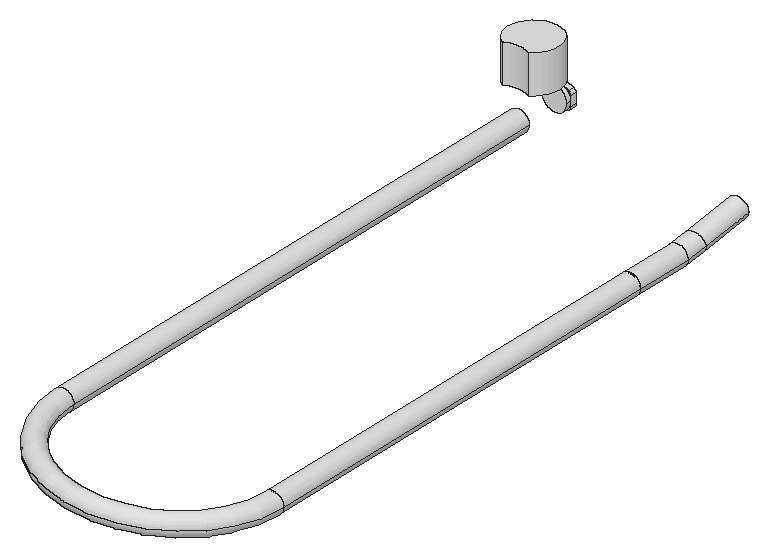
Revit family "Deca_Ducha higiênica com registro e derivação_Targa_1984.40.ACT", category Plumbing Fixtures, host Face, Revit 2020 (continued)
Lines and regions (m)
  symbolic lines
    curve 463: line (0.190015, 0, 0.01985) -> (0.188715, 0, 0.019061)
    curve 464: line (0.188715, 0, 0.019061) -> (0.187757, 0, 0.018189)
    curve 465: line (0.187757, 0, 0.018189) -> (0.187171, 0, 0.01726)
    curve 466: line (0.187171, 0, 0.01726) -> (0.186973, 0, 0.016301)
    curve 467: line (0.186973, 0, 0.016301) -> (0.186973, 0, 0.040112)
    curve 468: line (0.186973, 0, 0.040112) -> (0.187171, 0, 0.041071)
    curve 469: line (0.187171, 0, 0.041071) -> (0.187757, 0, 0.042)
    curve 470: line (0.187757, 0, 0.042) -> (0.188715, 0, 0.042872)
    curve 471: line (0.188715, 0, 0.042872) -> (0.190015, 0, 0.043661)
    curve 472: line (0.190015, 0, 0.043661) -> (0.191617, 0, 0.044341)
    curve 473: line (0.191617, 0, 0.044341) -> (0.193473, 0, 0.044893)
    curve 474: line (0.193473, 0, 0.044893) -> (0.194473, 0, 0.045114)
    curve 475: line (0.216974, 0, 0) -> (0.182974, 0, 0)
    curve 476: line (0.182974, 0, 0.028726) -> (0.182974, 0, 0)
    curve 477: line (0.216974, 0, 0) -> (0.216974, 0, 0.028726)
    curve 478: arc (0.216974, 0, 0.028726) -> (0.21594, 0, 0.034377) -> (0.212973, 0, 0.039297) r 0.015966
    curve 479: arc (0.182974, 0, 0.028726) -> (0.184007, 0, 0.034408) -> (0.186973, 0, 0.039362) r 0.016139
    curve 480: line (0.212342, 0, 0.010579) -> (0.212332, 0, 0.011501)
    curve 481: line (0.212332, 0, 0.011501) -> (0.211945, 0, 0.012405)
    curve 482: line (0.211945, 0, 0.012405) -> (0.211195, 0, 0.013266)
    curve 483: line (0.211195, 0, 0.013266) -> (0.210104, 0, 0.01406)
    curve 484: line (0.210104, 0, 0.01406) -> (0.208705, 0, 0.01476)
    curve 485: line (0.208705, 0, 0.01476) -> (0.207041, 0, 0.015347)
    curve 486: line (0.207041, 0, 0.015347) -> (0.205161, 0, 0.015803)
    curve 487: line (0.205161, 0, 0.015803) -> (0.203125, 0, 0.016112)
    curve 488: line (0.203125, 0, 0.016112) -> (0.200992, 0, 0.016267)
    curve 489: line (0.200992, 0, 0.016267) -> (0.198829, 0, 0.016263)
    curve 490: line (0.198829, 0, 0.016263) -> (0.1967, 0, 0.016099)
    curve 491: line (0.1967, 0, 0.016099) -> (0.194671, 0, 0.01578)
    curve 492: line (0.194671, 0, 0.01578) -> (0.192803, 0, 0.015317)
    curve 493: line (0.192803, 0, 0.015317) -> (0.191153, 0, 0.014722)
    curve 494: line (0.191153, 0, 0.014722) -> (0.189771, 0, 0.014016)
    curve 495: line (0.189771, 0, 0.014016) -> (0.188699, 0, 0.013218)
    curve 496: line (0.188699, 0, 0.013218) -> (0.187969, 0, 0.012353)
    curve 497: line (0.187969, 0, 0.012353) -> (0.187604, 0, 0.011447)
    curve 498: line (0.187604, 0, 0.011447) -> (0.187604, 0, 0.010581)
    curve 499: arc (0.212342, 0, 0.010579) -> (0.212804, 0, 0.012282) -> (0.212973, 0, 0.014038) r 0.010485
    curve 500: line (0.212973, 0, 0.016301) -> (0.212973, 0, 0.014038)
    curve 501: arc (0.187604, 0, 0.010581) -> (0.187143, 0, 0.012283) -> (0.186973, 0, 0.014038) r 0.010485
    curve 502: line (0.186973, 0, 0.016301) -> (0.186973, 0, 0.014038)
    curve 503: arc (0.212342, 0, 0.010579) -> (0.211588, 0, 0.009057) -> (0.210333, 0, 0.007913) r 0.004602
    curve 504: arc (0.210333, 0, 0.007913) -> (0.207788, 0, 0.006651) -> (0.205052, 0, 0.005886) r 0.015185
    curve 505: arc (0.205052, 0, 0.005886) -> (0.20034, 0, 0.00543) -> (0.195618, 0, 0.005757) r 0.028639
    curve 506: arc (0.190759, 0, 0.007209) -> (0.193127, 0, 0.006278) -> (0.195618, 0, 0.005757) r 0.015185
    curve 507: arc (0.190759, 0, 0.007209) -> (0.18879, 0, 0.008528) -> (0.187604, 0, 0.010581) r 0.005237
    curve 508: line (0.205474, 0, 0.04646) -> (0.205474, 0, 0.045114)
    curve 509: line (0.205474, 0, 0.045114) -> (0.205751, 0, 0.044077)
    curve 510: line (0.205751, 0, 0.044077) -> (0.205751, 0, 0.036457)
    curve 511: line (0.194473, 0, 0.04646) -> (0.194473, 0, 0.045114)
    curve 512: line (0.194473, 0, 0.045114) -> (0.194196, 0, 0.044077)
    curve 513: line (0.194196, 0, 0.044077) -> (0.194196, 0, 0.036457)
    curve 514: arc (0.205474, 0, 0.04646) -> (0.199973, 0, 0.047118) -> (0.194473, 0, 0.04646) r 0.023323
    curve 515: arc (0.205751, 0, 0.036457) -> (0.199974, 0, 0.037016) -> (0.194196, 0, 0.036457) r 0.030126
    curve 516: arc (0.182663, 0, 0.008846) -> (0.176478, 0, 0.018758) -> (0.182505, 0, 0.028766) r 0.011177
    curve 517: arc (0.179776, 0, 0.0287) -> (0.172969, 0, 0.019353) -> (0.178489, 0, 0.009192) r 0.010824
    curve 518: arc (0.175823, 0, 0.029156) -> (0.170375, 0, 0.019743) -> (0.174171, 0, 0.009551) r 0.012751
    curve 519: arc (0.173125, 0, 0.029566) -> (0.166329, 0, 0.02051) -> (0.170225, 0, 0.00988) r 0.011862
    curve 520: arc (0.16905, 0, 0.029915) -> (0.161807, 0, 0.02093) -> (0.166117, 0, 0.010223) r 0.011403
    curve 521: arc (0.163718, 0, 0.030373) -> (0.157009, 0, 0.021278) -> (0.16114, 0, 0.010759) r 0.011681
    curve 522: arc (0.154319, 0, 0.030602) -> (0.149505, 0, 0.021699) -> (0.152664, 0, 0.012083) r 0.012798
    curve 523: arc (0.148451, 0, 0.030886) -> (0.144686, 0, 0.021963) -> (0.146844, 0, 0.012522) r 0.015776
    curve 524: arc (0.141803, 0, 0.031156) -> (0.139216, 0, 0.022313) -> (0.140846, 0, 0.013245) r 0.020101
    curve 525: arc (0.137267, 0, 0.012661) -> (0.135196, 0, 0.022945) -> (0.139151, 0, 0.03266) r 0.01818
    curve 526: arc (0.132178, 0, 0.033281) -> (0.128422, 0, 0.02362) -> (0.130087, 0, 0.01339) r 0.019708
    curve 527: arc (0.125391, 0, 0.033885) -> (0.12243, 0, 0.023888) -> (0.123248, 0, 0.013494) r 0.028604
    curve 528: arc (0.118482, 0, 0.034499) -> (0.116008, 0, 0.024703) -> (0.116391, 0, 0.014606) r 0.035541
    curve 529: arc (0.111485, 0, 0.035122) -> (0.10965, 0, 0.025244) -> (0.109742, 0, 0.015198) r 0.052191
    curve 530: arc (0.104435, 0, 0.035749) -> (0.103228, 0, 0.025816) -> (0.102692, 0, 0.015825) r 0.148648
    curve 531: arc (0.097368, 0, 0.036378) -> (0.097159, 0, 0.026343) -> (0.095277, 0, 0.016485) r 0.059862
    curve 532: arc (0.088545, 0, 0.017083) -> (0.090883, 0, 0.026917) -> (0.090289, 0, 0.037007) r 0.034714
    curve 533: arc (0.081548, 0, 0.017706) -> (0.084183, 0, 0.027514) -> (0.083291, 0, 0.03763) r 0.029128
    curve 534: arc (0.074639, 0, 0.018321) -> (0.077914, 0, 0.028069) -> (0.076411, 0, 0.038242) r 0.022038
    curve 535: arc (0.067851, 0, 0.018924) -> (0.071231, 0, 0.028667) -> (0.069594, 0, 0.038848) r 0.021118
    curve 536: arc (0.061007, 0, 0.019686) -> (0.065212, 0, 0.029046) -> (0.063076, 0, 0.039082) r 0.01651
    curve 537: arc (0.054707, 0, 0.020247) -> (0.059702, 0, 0.029756) -> (0.056173, 0, 0.0399) r 0.013495
    curve 538: arc (0.048629, 0, 0.020789) -> (0.052419, 0, 0.030359) -> (0.050312, 0, 0.040435) r 0.017906
    curve 539: arc (0.041786, 0, 0.021243) -> (0.047013, 0, 0.030643) -> (0.04412, 0, 0.041003) r 0.014148
    curve 540: arc (0.036627, 0, 0.021702) -> (0.044243, 0, 0.031074) -> (0.03837, 0, 0.041626) r 0.010771
    curve 541: arc (0.032247, 0, 0.022092) -> (0.039011, 0, 0.031672) -> (0.033432, 0, 0.041987) r 0.011122
    curve 542: arc (0.027267, 0, 0.022536) -> (0.034426, 0, 0.032011) -> (0.028713, 0, 0.042423) r 0.010928
    curve 543: arc (0.023162, 0, 0.023055) -> (0.030153, 0, 0.033055) -> (0.023162, 0, 0.043055) r 0.010648
    curve 544: arc (0.018466, 0, 0.023194) -> (0.023735, 0, 0.033243) -> (0.0186, 0, 0.043361) r 0.012374
    curve 545: arc (0.016046, 0, 0.023593) -> (0.020853, 0, 0.033055) -> (0.016046, 0, 0.042516) r 0.011714
    curve 546: arc (0.182974, 0, 0.028726) -> (0.098814, 0, 0.036055) -> (0.014685, 0, 0.043726) r 20.819803
    curve 547: arc (0.182663, 0, 0.008846) -> (0.098657, 0, 0.015997) -> (0.014685, 0, 0.023542) r 17.944347
    curve 548: line (-0.012002, 0.033924, 0) -> (-0.012002, 0.0254, 0)
    curve 549: arc (-0.011026, 0.0349, 0) -> (-0.011716, 0.034614, 0) -> (-0.012002, 0.033924, 0) r 0.000976
    curve 550: line (0.011026, 0.0349, 0) -> (-0.011026, 0.0349, 0)
    curve 551: line (0.011998, 0.0254, 0) -> (0.011998, 0.034007, 0)
    curve 552: circle (-0.000002, 0, 0) r 0.019491 normal (0, 0, 1)
    curve 553: arc (0.012566, -0.021029, 0) -> (-0.000002, 0.024498, 0) -> (-0.012569, -0.021029, 0) r 0.024498
    curve 554: line (0.011998, 0.0254, 0) -> (-0.012002, 0.0254, 0)
    curve 555: line (0.001921, 0.0289, 0) -> (0.009076, 0.0289, 0)
    curve 556: line (-0.002002, 0.0339, 0) -> (-0.002002, 0.0299, 0)
    curve 557: line (0.001998, 0.0299, 0) -> (0.001998, 0.0339, 0)
    curve 558: line (-0.010002, 0.0349, 0) -> (-0.010002, 0.0289, 0)
    curve 559: line (0.010002, 0.0349, 0) -> (0.010002, 0.0289, 0)
    curve 560: line (0.011998, 0.0289, 0) -> (-0.012002, 0.0289, 0)
    curve 561: arc (0.011026, 0.0349, 0) -> (0.011686, 0.034643, 0) -> (0.011998, 0.034007, 0) r 0.000976
    curve 562: arc (-0.012569, -0.021029, 0) -> (-0.009024, -0.019659, 0) -> (-0.005333, -0.018748, 0) r 0.029999
    curve 563: arc (0.012566, -0.021029, 0) -> (0.00902, -0.019659, 0) -> (0.00533, -0.018748, 0) r 0.029999
    curve 564: line (-0.009528, -0.0241, 0) -> (-0.009528, -0.032115, 0)
    curve 565: line (0.009525, -0.032234, 0) -> (0.009525, -0.0241, 0)
    curve 566: line (0.009525, -0.0241, 0) -> (-0.009528, -0.0241, 0)
    curve 567: line (-0.007018, -0.034075, 0) -> (0.007018, -0.034075, 0)
    curve 568: arc (-0.009528, -0.032115, 0) -> (-0.009085, -0.033363, 0) -> (-0.007953, -0.034051, 0) r 0.001976
    curve 569: line (-0.007953, -0.034051, 0) -> (-0.007018, -0.034075, 0)
    curve 570: line (0.007018, -0.034075, 0) -> (0.007953, -0.034051, 0)
    curve 571: arc (0.009528, -0.032115, 0) -> (0.009085, -0.033363, 0) -> (0.007953, -0.034051, 0) r 0.001976
    curve 572: line (-0.002002, -0.0241, 0) -> (-0.002002, -0.034075, 0)
    curve 573: line (0.002002, -0.0241, 0) -> (0.002002, -0.034075, 0)
    curve 574: line (-0.011572, -0.020591, 0) -> (-0.011572, -0.022, 0)
    curve 575: line (-0.011572, -0.022, 0) -> (0.011568, -0.022, 0)
    curve 576: line (0.011568, -0.022, 0) -> (0.011568, -0.020591, 0)
    curve 577: line (-0.010322, -0.022, 0) -> (-0.009528, -0.0241, 0)
    curve 578: line (0.009525, -0.0241, 0) -> (0.010318, -0.022, 0)
    curve 579: line (-0.007528, -0.034062, 0) -> (-0.007528, -0.0241, 0)
    curve 580: line (0.007525, -0.034062, 0) -> (0.007525, -0.0241, 0)
    curve 581: line (0, -0.0341, 0.043381) -> (0, -0.0341, 0.026619)
    curve 582: line (0, -0.0241, 0.025619) -> (0, -0.0241, 0.044366)
    curve 583: arc (0, -0.0321, 0.045381) -> (0, -0.033514, 0.044795) -> (0, -0.0341, 0.043381) r 0.002
    curve 584: line (0, -0.025115, 0.045381) -> (0, -0.0321, 0.045381)
    curve 585: arc (0, -0.0241, 0.044366) -> (0, -0.024397, 0.045084) -> (0, -0.025115, 0.045381) r 0.001015
    curve 586: line (0, -0.0341, 0.038191) -> (0, -0.0241, 0.038191)
    curve 587: line (0, -0.0241, 0.041655) -> (0, -0.0341, 0.041655)
    curve 588: line (0, -0.0241, 0.031809) -> (0, -0.0341, 0.031809)
    curve 589: line (0, -0.0341, 0.028345) -> (0, -0.0241, 0.028345)
    curve 590: line (0, -0.0251, 0.024619) -> (0, -0.0321, 0.024619)
    curve 591: arc (0, -0.0341, 0.026619) -> (0, -0.033514, 0.025205) -> (0, -0.0321, 0.024619) r 0.002
    curve 592: arc (0, -0.0251, 0.024619) -> (0, -0.024393, 0.024912) -> (0, -0.0241, 0.025619) r 0.001
    curve 593: line (0, 0.0125, 0.062449) -> (0, 0.0125, 0.052533)
    curve 594: arc (0, 0.0125, 0.052533) -> (0, 0.014283, 0.048302) -> (0, 0.018536, 0.04657) r 0.006
    curve 595: line (0, 0.018536, 0.04657) -> (0, 0.022, 0.04657)
    curve 596: line (0, 0.022, 0.04657) -> (0, 0.022, 0.02343)
    curve 597: line (0, 0.022, 0.02343) -> (0, 0.018515, 0.02343)
    curve 598: arc (0, 0.018515, 0.02343) -> (0, 0.014257, 0.021672) -> (0, 0.0125, 0.017414) r 0.006
    curve 599: line (0, 0.0125, 0.017414) -> (0, 0.0125, 0.013011)
    curve 600: line (0, 0.0125, 0.013542) -> (0, -0.0125, 0.013542)
    curve 601: line (0, -0.0125, 0.013542) -> (0, -0.0125, 0.017394)
    curve 602: arc (0, -0.0125, 0.017394) -> (0, -0.014257, 0.021673) -> (0, -0.018536, 0.02343) r 0.006
    curve 603: line (0, -0.018536, 0.02343) -> (0, -0.022, 0.02343)
    curve 604: line (0, -0.022, 0.02343) -> (0, -0.022, 0.04657)
    curve 605: line (0, -0.022, 0.04657) -> (0, -0.018515, 0.04657)
    curve 606: arc (0, -0.018515, 0.04657) -> (0, -0.014257, 0.048328) -> (0, -0.0125, 0.052586) r 0.006
    curve 607: line (0, -0.0125, 0.052586) -> (0, -0.0125, 0.062449)
    curve 608: arc (0, -0.018515, 0.04657) -> (0, -0.012959, 0.04264) -> (0, -0.007635, 0.038401) r 0.119514
    curve 609: arc (0, -0.007635, 0.038401) -> (0, -0.006058, 0.035006) -> (0, -0.007635, 0.03161) r 0.004443
    curve 610: arc (0, -0.007635, 0.03161) -> (0, -0.012968, 0.027364) -> (0, -0.018536, 0.02343) r 0.118933
    curve 611: arc (0, 0.018515, 0.04657) -> (0, 0.012959, 0.04264) -> (0, 0.007635, 0.038401) r 0.119514
    curve 612: arc (0, 0.007635, 0.038401) -> (0, 0.006058, 0.035006) -> (0, 0.007635, 0.03161) r 0.004443
    curve 613: arc (0, 0.007635, 0.03161) -> (0, 0.012968, 0.027364) -> (0, 0.018536, 0.02343) r 0.118933
    curve 614: arc (0, -0.0125, 0.017394) -> (0, -0.008471, 0.023778) -> (0, -0.00497, 0.030467) r 0.093759
    curve 615: arc (0, -0.0125, 0.052618) -> (0, -0.008471, 0.046233) -> (0, -0.00497, 0.039544) r 0.093759
    curve 616: arc (0, -0.00497, 0.039544) -> (0, -0.00395, 0.035006) -> (0, -0.00497, 0.030467) r 0.01061
    curve 617: arc (0, 0.0125, 0.017394) -> (0, 0.008471, 0.023778) -> (0, 0.00497, 0.030467) r 0.093759
    curve 618: arc (0, 0.0125, 0.052618) -> (0, 0.008471, 0.046233) -> (0, 0.00497, 0.039544) r 0.093759
    curve 619: arc (0, 0.00497, 0.039544) -> (0, 0.00395, 0.035006) -> (0, 0.00497, 0.030467) r 0.01061
    curve 620: line (0, -0.021029, 0.062449) -> (0, 0.024498, 0.062449)
    curve 621: line (0, -0.021029, 0.09665) -> (0, -0.021029, 0.062449)
    curve 622: line (0, 0.024498, 0.062449) -> (0, 0.024498, 0.09565)
    curve 623: arc (0, 0.024498, 0.09565) -> (0, 0.023766, 0.097417) -> (0, 0.021998, 0.09815) r 0.0025
    curve 624: line (0, 0.021998, 0.09815) -> (0, -0.019529, 0.09815)
    curve 625: arc (0, -0.021029, 0.09665) -> (0, -0.02059, 0.09771) -> (0, -0.019529, 0.09815) r 0.0015
    curve 626: line (0, 0.01828, 0.00984) -> (0, -0.015744, 0.00984)
    curve 627: line (0, -0.029631, 0.003124) -> (0, 0.029631, 0.003124)
    curve 628: line (0, 0.0349, 0.048238) -> (0, 0.0349, 0.021762)
    curve 629: line (0, 0.0289, 0.021762) -> (0, 0.0349, 0.021762)
    curve 630: line (0, 0.0349, 0.022896) -> (0, 0.053468, 0.027096)
    curve 631: line (0, 0.029886, 0.021762) -> (0, 0.01828, 0.019137)
    curve 632: line (0, 0.01828, 0.020148) -> (0, 0.01828, 0.00984)
    curve 633: line (0, 0.0289, 0.048238) -> (0, 0.0289, 0.021762)
    curve 634: line (0, 0.0349, 0.026917) -> (0, 0.0289, 0.026917)
    curve 635: line (0, 0.0349, 0.030381) -> (0, 0.0289, 0.030381)
    curve 636: line (0, 0.0289, 0.039619) -> (0, 0.0349, 0.039619)
    curve 637: line (0, 0.0289, 0.043083) -> (0, 0.0349, 0.043083)
    curve 638: line (0, 0.0289, 0.048238) -> (0, 0.0349, 0.048238)
    curve 639: line (0, 0.04935, 0.050446) -> (0, 0.032008, 0.048238)
    curve 640: line (0, 0.0289, 0.047842) -> (0, 0.01891, 0.04657)
    curve 641: line (0, 0.04935, 0.050446) -> (0, 0.053468, 0.027096)
    curve 642: line (0, 0.04935, 0.050446) -> (0, 0.076132, 0.052018)
    curve 643: arc (0, 0.044601, 0.063549) -> (0, 0.056179, 0.060196) -> (0, 0.06765, 0.056497) r 0.4
    curve 644: arc (0, 0.04461, 0.063546) -> (0, 0.043696, 0.064262) -> (0, 0.043566, 0.065416) r 0.0015
    curve 645: line (0, 0.044216, 0.067641) -> (0, 0.043566, 0.065416)
    curve 646: arc (0, 0.06765, 0.056497) -> (0, 0.072069, 0.054595) -> (0, 0.076132, 0.052018) r 0.03032
    curve 647: line (0, 0.076793, 0.034067) -> (0, 0.053468, 0.027096)
    curve 648: line (0, 0.076527, 0.034635) -> (0, 0.087714, 0.010781)
    curve 649: line (0, 0.111254, 0.021821) -> (0, 0.104125, 0.037021)
    curve 650: line (0, 0.102687, 0.036896) -> (0, 0.106985, 0.038912)
    curve 651: arc (0, 0.104125, 0.037021) -> (0, 0.104108, 0.037403) -> (0, 0.104366, 0.037686) r 0.0005
    curve 652: arc (0, 0.107226, 0.039577) -> (0, 0.107243, 0.039195) -> (0, 0.106985, 0.038912) r 0.0005
    curve 653: line (0, 0.103834, 0.046822) -> (0, 0.107226, 0.039577)
    curve 654: arc (0, 0.092775, 0.060013) -> (0, 0.097388, 0.053323) -> (0, 0.10055, 0.045837) r 0.0399
    curve 655: line (0, 0.103231, 0.047087) -> (0, 0.10055, 0.045837)
    curve 656: arc (0, 0.091086, 0.061008) -> (0, 0.092014, 0.060652) -> (0, 0.092775, 0.060013) r 0.003
    curve 657: arc (0, 0.081864, 0.062763) -> (0, 0.08648, 0.061913) -> (0, 0.091086, 0.061008) r 0.400338
    curve 658: arc (0, 0.044216, 0.067641) -> (0, 0.063098, 0.065649) -> (0, 0.081864, 0.062763) r 0.4
    curve 659: arc (0, 0.081338, 0.05981) -> (0, 0.088751, 0.05212) -> (0, 0.093211, 0.042414) r 0.0319
    curve 660: line (0, -0.014727, 0.01797) -> (0, -0.015553, 0.022657)
    curve 661: line (0, 0.0249, 0.04429) -> (0, 0.0235, 0.04429)
    curve 662: line (0, 0.0235, 0.04429) -> (0, 0.022, 0.04532)
    curve 663: line (0, 0.022, 0.02468) -> (0, 0.0235, 0.02571)
    curve 664: line (0, 0.0235, 0.02571) -> (0, 0.0249, 0.02571)
    curve 665: line (0, 0.0235, 0.04429) -> (0, 0.0235, 0.02571)
    curve 666: line (0, 0.017554, 0.023355) -> (0, 0.01828, 0.020148)
    curve 667: arc (0, 0.015744, 0.010723) -> (0, 0.014374, 0.012224) -> (0, 0.0125, 0.013011) r 0.004723
    curve 668: line (0, -0.015744, 0.010723) -> (0, 0.015744, 0.010723)
    curve 669: line (0, 0.015583, 0.022673) -> (0, 0.015583, 0.00984)
    curve 670: line (0, -0.01997, 0.01603) -> (0, -0.021275, 0.02343)
    curve 671: line (-0.01, 0, 0.043083) -> (-0.002, 0, 0.047702)
    curve 672: arc (-0.002, 0, 0.047702) -> (0, 0, 0.048238) -> (0.002, 0, 0.047702) r 0.004
    curve 673: line (0.002, 0, 0.047702) -> (0.01, 0, 0.043083)
    curve 674: arc (0.01, 0, 0.043083) -> (0.011464, 0, 0.041619) -> (0.012, 0, 0.039619) r 0.004
    curve 675: line (0.012, 0, 0.039619) -> (0.012, 0, 0.030381)
    curve 676: arc (0.012, 0, 0.030381) -> (0.011464, 0, 0.028381) -> (0.01, 0, 0.026917) r 0.004
    curve 677: line (0.01, 0, 0.026917) -> (0.002, 0, 0.022298)
    curve 678: arc (0.002, 0, 0.022298) -> (0.001035, 0, 0.021899) -> (0, 0, 0.021762) r 0.004
    curve 679: arc (0, 0, 0.021762) -> (-0.001035, 0, 0.021899) -> (-0.002, 0, 0.022298) r 0.004
    curve 680: line (-0.002, 0, 0.022298) -> (-0.01, 0, 0.026917)
    curve 681: arc (-0.01, 0, 0.026917) -> (-0.011464, 0, 0.028381) -> (-0.012, 0, 0.030381) r 0.004
    curve 682: line (-0.012, 0, 0.030381) -> (-0.012, 0, 0.039619)
    curve 683: arc (-0.012, 0, 0.039619) -> (-0.011464, 0, 0.041619) -> (-0.01, 0, 0.043083) r 0.004
    curve 684: spline (-0.01089, 0, 0.027616) -> (-0.009745, 0, 0.024742) -> (-0.008251, 0, 0.022236) -> (-0.006462, 0, 0.020187) -> (-0.004441, 0, 0.018669) -> (-0.002261, 0, 0.017735) -> (0, 0, 0.01742) -> (0.002261, 0, 0.017735) -> (0.004441, 0, 0.018669) -> (0.006462, 0, 0.020187) -> (0.008251, 0, 0.022236) -> (0.009745, 0, 0.024742) -> (0.01089, 0, 0.027616)
    curve 685: spline (0.01089, 0, 0.042384) -> (0.009745, 0, 0.045258) -> (0.008251, 0, 0.047764) -> (0.006462, 0, 0.049813) -> (0.004441, 0, 0.051331) -> (0.002261, 0, 0.052265) -> (0, 0, 0.05258) -> (-0.002261, 0, 0.052265) -> (-0.004441, 0, 0.051331) -> (-0.006462, 0, 0.049813) -> (-0.008251, 0, 0.047764) -> (-0.009745, 0, 0.045258) -> (-0.01089, 0, 0.042384)
    curve 686: line (-0.0125, 0, 0.062449) -> (-0.0125, 0, 0.013542)
    curve 687: line (0.0125, 0, 0.013726) -> (0.0125, 0, 0.062449)
    curve 688: line (0.024498, 0, 0.062449) -> (-0.024498, 0, 0.062449)
    curve 689: line (0.024498, 0, 0.09565) -> (0.024498, 0, 0.062449)
    curve 690: line (-0.024498, 0, 0.062449) -> (-0.024498, 0, 0.09565)
    curve 691: arc (-0.024498, 0, 0.09565) -> (-0.023766, 0, 0.097417) -> (-0.021998, 0, 0.09815) r 0.0025
    curve 692: arc (0.021998, 0, 0.09815) -> (0.023766, 0, 0.097417) -> (0.024498, 0, 0.09565) r 0.0025
    curve 693: line (0.021998, 0, 0.09815) -> (-0.021998, 0, 0.09815)
    curve 694: line (0.03, 0, 0) -> (-0.03, 0, 0)
    curve 695: line (-0.03, 0, 0) -> (-0.03, 0, 0.002233)
    curve 696: arc (-0.03, 0, 0.002233) -> (-0.029904, 0, 0.002715) -> (-0.029631, 0, 0.003124) r 0.00126
    curve 697: line (-0.029631, 0, 0.003124) -> (-0.023284, 0, 0.009471)
    curve 698: arc (-0.023284, 0, 0.009471) -> (-0.022875, 0, 0.009744) -> (-0.022394, 0, 0.00984) r 0.00126
    curve 699: line (-0.022394, 0, 0.00984) -> (0, 0, 0.00984)
    curve 700: line (0, 0, 0.00984) -> (0.022394, 0, 0.00984)
    curve 701: arc (0.022394, 0, 0.00984) -> (0.022875, 0, 0.009744) -> (0.023284, 0, 0.009471) r 0.00126
    curve 702: line (0.023284, 0, 0.009471) -> (0.029631, 0, 0.003124)
    curve 703: arc (0.029631, 0, 0.003124) -> (0.029904, 0, 0.002715) -> (0.03, 0, 0.002233) r 0.00126
    curve 704: line (0.03, 0, 0.002233) -> (0.03, 0, 0)
    curve 705: line (-0.03, 0, 0.002233) -> (0.03, 0, 0.002233)
    curve 706: arc (-0.015744, 0, 0.010723) -> (-0.014023, 0, 0.012449) -> (-0.011671, 0, 0.013087) r 0.004723
    curve 707: line (-0.011671, 0, 0.013087) -> (0, 0, 0.013087)
    curve 708: line (0, 0, 0.013087) -> (0.011671, 0, 0.013087)
    curve 709: arc (0.011671, 0, 0.013087) -> (0.014023, 0, 0.012449) -> (0.015744, 0, 0.010723) r 0.004723
    curve 710: line (0.015744, 0, 0.010723) -> (0, 0, 0.010723)
    curve 711: line (0, 0, 0.010723) -> (-0.015744, 0, 0.010723)
    curve 712: line (-0.024498, 0, 0.09565) -> (0.024498, 0, 0.09565)
Dimensions and locks (m)
  aligned and locked: plane 2 to host face
  aligned and locked: level to host face
Connectors (m)
  piping at (0, 0.0349, 0.035), diameter 0.015, driven by "Raio Água Fria Saída"
    settings: on Extrusion 4, index 1, connector inside diameter 609.6 mm, connector length 0.00 m, flow factor 0, pipe flow 0.0 L/s, pressure drop 0.0 Pa, fitting loss kfactor 0, connector angle 0.00°, fixture units 0, engagement length 0.00 m, angle of deflection 0.00°, flow configuration 3, flow direction 2, fitting loss method 4, system type 20, joint type 0, gender type 0, connector reference index -1, connector utility 0, adjustable connector no, is connector primary yes, connector description ""
  piping at (0, 0, 0), diameter 0.015, driven by "Raio Água Fria"
    settings: on free form element, index 2, connector inside diameter 609.6 mm, connector length 0.00 m, flow factor 0, pipe flow 0.0 L/s, pressure drop 0.0 Pa, fitting loss kfactor 0, connector angle 0.00°, fixture units 0, engagement length 0.00 m, angle of deflection 0.00°, flow configuration 3, flow direction 1, fitting loss method 4, system type 20, joint type 0, gender type 0, connector reference index -1, connector utility 0, adjustable connector no, is connector primary no, connector description ""
